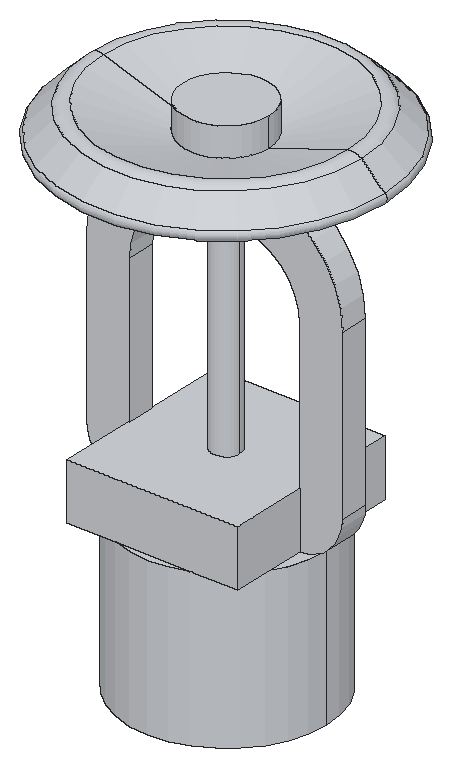
Revit family
Parameters (values of type "RASCO F1FR56 CONVENTIONAL")
  URL = ""
  Temperature Rating = 155 °F
  Response = 1
  RASCO SIN # = "RA1475"
  RASCO Part # = "F1FR56C1W"
  Pressure Rating = "175 PSI"
  Pressure Class = (empty or 0)
  Orifice Size = 1/2"
  Orifice = (empty or 0)
  Model = "F1FR56"
  Manufacturer = "RASCO"
  K-Factor = 5.6
  Description = "White Finish"
  Coverage = (empty or 0)
Reference planes (in)
  plane 1 "Center (Front/Back)": y = 0
  plane 2: z = 0
  plane 3 "Center (Left/Right)": x = 0
Nested families (in)
  nested 1: "F1FR56C1W" at (0, 0, 0), type "RASCO F1FR56 CONVENTIONAL"
Connectors (in)
  piping at (0, 0, 0)
    settings: on nested 1, index 1, connector radius 115/256", flow factor 0, pipe flow 0 GPM, pressure drop 0.00 psi, fitting loss kfactor 0, connector angle 0.00°, fixture units 0, flow configuration 0, flow direction 0, fitting loss method 0, system type 7, connector reference index -1, connector utility 0, adjustable connector no, is connector primary yes, fitting loss table "", connector description ""
Definition of nested family "F1FR56C1W"
  Parameters (values of type "RASCO F1FR56 CONVENTIONAL")
    Type Comments = ""
    Temperature Rating = 0 °F
    Response = (empty or 0)
    Pressure Rating = "0"
    Pressure Class = (empty or 0)
    Orifice Size = 0"
    Orifice = (empty or 0)
    Model = ""
    Manufacturer = ""
    K-Factor = 0
    Description = ""
    Coverage = (empty or 0)
    Assembly Code = ""
  Reference planes (in)
    plane 1 "Center (Front/Back)": y = 0
    plane 2: z = 0
    plane 3 "ref.2": z = 0.6875
    plane 4 "ref.3": z = 0.9375
    plane 5: x = -0.38065
    plane 6: x = 0.36935
    plane 7 "ref. side 1": y = 0.06402
    plane 8 "ref. side 2": y = -0.06098
    plane 9 "ref.4": z = 1.875
    plane 10 "ref.5": z = 2.3125
    plane 11 "ref.6": z = 2.4375
  Forms (in)
    Extrusion 1, solid
      sketch origin (0, 0, 0) x (1, 0, 0) y (0, 1, 0)
        loop
          circle (0, 0) r 0.4375
      from 0 to 0.6875
    Extrusion 2, solid
      sketch origin (-0.12185, 0.05177, 0.6875) x (1, 0, 0) y (0, 1, 0)
        loop
          line (-0.2588, 0.356) -> (-0.2588, -0.4565) -> (0.4912, -0.4565) -> (0.4912, 0.356) -> (-0.2588, 0.356)
      from 0 to 0.25
    Extrusion 3, solid
      sketch origin (0, 0, 0) x (1, 0, 0) y (0, 0, 1)
        loop
          line (-0.38065, 0.68754) -> (-0.38065, 1.58397)
          arc (-0.38065, 1.58397) -> (-0.29541, 1.78976) -> (-0.08962, 1.875) r 0.29103
          line (-0.08962, 1.875) -> (0.07524, 1.875)
          arc (0.07524, 1.875) -> (0.28321, 1.78886) -> (0.36935, 1.58089) r 0.29411
          line (0.36935, 1.58089) -> (0.36935, 0.68751)
          arc (0.36935, 0.68751) -> (0.50207, 0.74393) -> (0.55685, 0.87734) r 0.18984
          line (0.55685, 0.87734) -> (0.55685, 1.61676)
          arc (0.55685, 1.61676) -> (0.42629, 1.93194) -> (0.11111, 2.0625) r 0.44574
          line (0.11111, 2.0625) -> (-0.12259, 2.0625)
          arc (-0.12259, 2.0625) -> (-0.43765, 1.932) -> (-0.56815, 1.61694) r 0.44556
          line (-0.56815, 1.61694) -> (-0.56815, 0.87876)
          arc (-0.56815, 0.87876) -> (-0.51345, 0.74486) -> (-0.38065, 0.68754) r 0.19126
      from -0.06402 to 0.06098
    Extrusion 4, solid
      sketch origin (0, 0, 0.9375) x (-1, 0, 0) y (0, -1, 0)
        loop
          circle (0.00574, -0.00152) r 0.0625
      from 0 to 0.9375
    Extrusion 5, solid
      sketch origin (0, 0, 1.875) x (-1, 0, 0) y (0, -1, 0)
        loop
          circle (0.00574, -0.00152) r 0.1875
      from 0 to 0.4375
    Revolve 6, solid
      sketch origin (0, 0, -0.12636) x (1, 0, 0) y (0, 0, 1)
        loop
          line (-0.19416, 2.3128) -> (-0.54336, 2.42626)
          arc (-0.54336, 2.42626) -> (-0.57564, 2.42762) -> (-0.60395, 2.41207) r 0.06009
          line (-0.60395, 2.41207) -> (-0.70574, 2.3125)
          arc (-0.70574, 2.3125) -> (-0.70595, 2.27395) -> (-0.66741, 2.27416) r 0.02711
          line (-0.66741, 2.27416) -> (-0.59243, 2.34914)
          arc (-0.59243, 2.34914) -> (-0.56404, 2.36504) -> (-0.53152, 2.36376) r 0.05994
          line (-0.53152, 2.36376) -> (-0.19416, 2.25415) -> (-0.19416, 2.3128)
        axis (-0.00574, 2.42626) -> (-0.00574, 2.25415)
      angle from 0 to 360
  Cuts and joins
    joined: Extrusion 1, Extrusion 2, Extrusion 4
  Lines and regions (in)
    model lines
      curve 1: line (-0.00574, 0.06402, 1.875) -> (-0.00574, -0.06098, 1.875)
